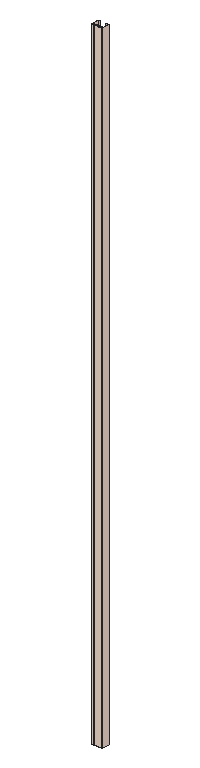
Revit family "stud_ws65", category 機械設備, Revit 2022
Family settings
  丸型コネクタ寸法 = 直径を使用
  種別 = なし
  パーツ タイプ = 標準
  作業面ベース = いいえ
  常に垂直 = はい
  ロード時にボイドで切り取り = いいえ
  注釈の向きを維持 = いいえ
  共有 = いいえ
  部屋計算ポイント = いいえ
Parameters
  製造元 = "株式会社桐井製作所"
  既定の高さ = 0 mm
  URL = "https://www.kirii.co.jp/"
  K_長さ(mm) [instance] = 4001 mm
  K_材質 = "SGCCまたはSGHC　一般用"
  K_断面積A(mm2) = 140
  K_断面係数Zy(mm3) = 1497
  K_断面係数Zx(mm3) = 3135
  K_断面2次半径iy(mm) = 17.1
  K_断面2次半径ix(mm) = 27
  K_断面2次モーメントIy(mm4) = 41140
  K_断面2次モーメントIx(mm4) = 101900
  K_外形寸法(mm) = "65×45×0.8"
  K_品名 = "WS-65"
  K_名称 = "スタッド"
  K_単位質量(kg/m) = 1.131
  K_ヤング係数E(N/mm2) = 205000
  K_バージョン情報 = "20210524"
  K_めっき付着量 = "Z12"
  K_JIS規格 = "JIS G 3302"
  K_JIS外 [instance] = not(K_JIS)  # yes
  K_JIS [instance] = [K_長さ(mm)] < 4001 mm  # no
Reference planes
  plane 1 "中心(正面/背面)": y = 0
  plane 2: z = 0
  plane 3 "中心(左/右)": x = 0
  plane 4: z = 4001
  plane 5: y = 45
  plane 6: x = -32.5
  plane 7: x = 32.501
Forms (mm)
  Extrusion 1, solid
    sketch origin (0, 0, 0) x (0, 1, 0) y (-1, 0, 0)
      loop
        line (0.8, -24.832) -> (1.8, -23.832) -> (1.8, 23.832) -> (0.8, 24.832) -> (0.8, 31.7) -> (44.2, 31.7) -> (44.2, 22.264) -> (40.396, 22.264) -> (40.396, 21.464) -> (45, 21.464) -> (45, 32.5) -> (0, 32.5) -> (0, 24.5) -> (1, 23.5) -> (1, -23.5) -> (0, -24.5) -> (0, -32.5) -> (45, -32.5) -> (45, -21.464) -> (40.396, -21.464) -> (40.396, -22.264) -> (44.2, -22.264) -> (44.2, -31.7) -> (0.8, -31.7) -> (0.8, -24.832)
    from 0 to 4001
Dimensions and locks
  "K_長さ(mm)": plane 4 to plane 2
  aligned and locked: level to plane 2
  aligned and locked: plane 4 to Extrusion 1
Automatic sketch dimensions
  plane 1 "中心(正面/背面)" to Extrusion 1 sketch curve = 0 mm  (x2)
  Extrusion 1 sketch curve to plane 1 "中心(正面/背面)" = 0.8 mm  (x2)
  Extrusion 1 sketch curve to plane 1 "中心(正面/背面)" = 1 mm
  Extrusion 1 sketch curve to Extrusion 1 sketch curve = 0.8 mm  (x5)
  Extrusion 1 sketch curve to Extrusion 1 sketch curve = 38.596 mm  (x2)
  Extrusion 1 sketch curve to Extrusion 1 sketch curve = 3.804 mm  (x2)
  plane 3 "中心(左/右)" to Extrusion 1 sketch curve = 32.501 mm
  Extrusion 1 sketch curve to Extrusion 1 sketch curve = 6.868 mm  (x2)
  Extrusion 1 sketch curve to Extrusion 1 sketch curve = 0.331 mm  (x4)
  Extrusion 1 sketch curve to Extrusion 1 sketch curve = 1 mm  (x2)
  Extrusion 1 sketch curve to Extrusion 1 sketch curve = 9.436 mm
  Extrusion 1 sketch curve to plane 3 "中心(左/右)" = 21.463 mm
  Extrusion 1 sketch curve to plane 3 "中心(左/右)" = 23.5 mm
  Extrusion 1 sketch curve to plane 5 = 0 mm  (x2)
